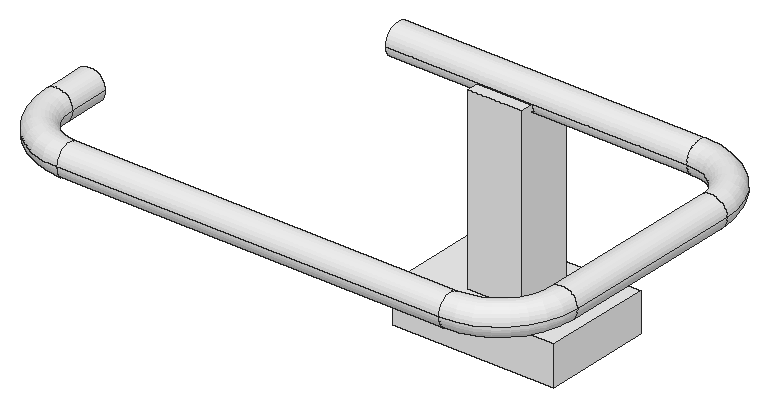
Revit family "Accessories_Set-Grohe-Essentials_Cube_Master-40778_Series", category Specialty Equipment, host Face, Revit 2019
Family settings
  Host = Face
  Round Connector Dimension = Use Diameter
  Part Type = Normal
  OmniClass Number = 23.40.20.21
  OmniClass Title = Toilet and Bath Specialties
  Cut with Voids When Loaded = No
  Shared = Yes
  Room Calculation Point = No
Parameters (values of type "40778001")
  Width = 23 5/8"  # constant formula
  URL = "https://www.grohe.us"
  Type Comments = ""
  Towel Ring 40510 = no
  Towel Bar 40509 = no
  Toilet Paper Holder 40507 = yes
  Robe Hook 40511 = no
  Revised Date = "06/07/2023"  # constant formula
  Product Page URL = "https://www.grohe.us/Accessory-Kits/4-in-1-Accessory-Set/GROHE-CHROME-40778001"
  Product Documentation Link = "https://americanstandard.box.com/shared/static/651a6fe8gp7e6jcdvl3tc887nvu7g6x7.pdf"
  Model = "40778001"
  Material = "Metal-Grohe-001-StarLight Chrome"
  Manufacturer = "Grohe"  # constant formula
  Length = 2 3/8"  # constant formula
  Installation Type = "Wall Mounted"  # constant formula
  Height = 4 15/16"  # constant formula
  Finish = Metal-Grohe-001-StarLight Chrome
  Description = "Essentials 4-in-1 Accessory Set"  # constant formula
  Default Elevation = if(Toilet Paper Holder 40507, 16", 40")  # 16"
  Creation Date = "09/07/2017"  # constant formula
  Assembly Code = "C1030200"
Types (3): name | Product Page URL | Model | Material | Finish
  40778001 | "https://www.grohe.us/Accessory-Kits/4-in-1-Accessory-Set/GROHE-CHROME-40778001" | "40778001" | "Metal-Grohe-001-StarLight Chrome" | Metal-Grohe-001-StarLight Chrome
  407782431 | "https://www.grohe.us/Accessory-Kits/4-in-1-Accessory-Set/MATTE-BLACK-407782431" | "407782431" | "Metal-Grohe-2431-Matte Black" | Metal-Grohe-2431-Matte Black
  40778GN1 | "https://www.grohe.us/Accessory-Kits/4-in-1-Accessory-Set/GROHE-BRUSHED-COOL-SUNRISE-40778GN1" | "40778GN1" | "Metal-Grohe-GN1-Brushed Cool Sunrise" | Metal-Grohe-GN1-Brushed Cool Sunrise
Reference planes (in)
  plane 1 "Center (Front/Back)": y = 0
  plane 2: z = 0
  plane 3 "Center (Left/Right)": x = 0
  plane 4: x = -11.81102
  plane 5: x = 11.81102
  plane 6: y = 1.06299
  plane 7: y = -6.85039
  plane 8: y = -7.92092
  plane 9: y = -12.60596
Forms (in)
  Extrusion 1, solid, material "Metal-Grohe-001-StarLight Chrome" <- "Finish", visible <- "Towel Bar 40509"
    sketch origin (0, 0, 0) x (1, 0, 0) y (0, 1, 0)
      loop
        line (-11.81115, 0.55118) -> (-11.81115, -0.55118) -> (-10.1576, -0.55118) -> (-10.1576, 0.55118) -> (-11.81115, 0.55118)
      loop
        line (11.81115, 0.55118) -> (10.1576, 0.55118) -> (10.1576, -0.55118) -> (11.81115, -0.55118) -> (11.81115, 0.55118)
    from 0 to 0.3937
  Extrusion 2, solid, material "Metal-Grohe-001-StarLight Chrome" <- "Finish", visible <- "Towel Bar 40509"
    sketch origin (0, 0, 0) x (1, 0, 0) y (0, 1, 0)
      loop
        line (-11.25997, 0.27559) -> (-11.25997, -0.27559) -> (-10.70879, -0.27559) -> (-10.70879, 0.27559) -> (-11.25997, 0.27559)
      loop
        line (11.25997, 0.27559) -> (10.70879, 0.27559) -> (10.70879, -0.27559) -> (11.25997, -0.27559) -> (11.25997, 0.27559)
    from 0 to 2.1877
  Extrusion 3, solid, material "Metal-Grohe-001-StarLight Chrome" <- "Finish", visible <- "Towel Bar 40509"
    sketch origin (0, 0, 0) x (0, 1, 0) y (0, 0, 1)
      loop
        circle (0, 2.16929) r 0.19685
    from -11.81115 to 11.8109
  Extrusion 4, solid, material "Metal-Grohe-001-StarLight Chrome" <- "Finish", visible <- "Toilet Paper Holder 40507"
    sketch origin (0, 0, 0) x (1, 0, 0) y (0, 0, 1)
      loop
        line (0.8125, 0.3937) -> (-0.8125, 0.3937) -> (-0.8125, 0) -> (0.8125, 0) -> (0.8125, 0.3937)
    from -0.55118 to 0.55118
  Extrusion 5, solid, material "Metal-Grohe-001-StarLight Chrome" <- "Finish", visible <- "Toilet Paper Holder 40507"
    sketch origin (0, 0, 0) x (1, 0, 0) y (0, 0, 1)
      loop
        line (0.27559, 2.20472) -> (-0.27559, 2.20472) -> (-0.27559, 0.3937) -> (0.27559, 0.3937) -> (0.27559, 2.20472)
    from -0.27559 to 0.27559
  Sweep 6, solid, material "Metal-Grohe-001-StarLight Chrome" <- "Finish", visible <- "Toilet Paper Holder 40507"
    path origin (0, 0, 2.06215) x (1, 0, 0) y (0, 1, 0)
      loop
        line (-1.20456, 0.15748) -> (1.84859, 0.15748)
        arc (1.84859, 0.15748) -> (2.40421, -0.07266) -> (2.63435, -0.62828) r 0.78576
        line (2.63435, -0.62828) -> (2.63435, -2.52428)
        arc (2.63435, -2.52428) -> (2.40507, -3.07781) -> (1.85154, -3.30709) r 0.78281
        line (1.85154, -3.30709) -> (-2.01843, -3.30709)
        arc (-2.01843, -3.30709) -> (-2.57331, -3.07725) -> (-2.80315, -2.52237) r 0.78472
        line (-2.80315, -2.52237) -> (-2.80315, -2.10646)
    profile origin (0.32201, 0.15748, 2.06215) x (0, 1, 0) y (0, 0, 1)
      loop
        circle (-0.15625, 0.15625) r 0.15625
  Extrusion 7, solid, material "Metal-Grohe-001-StarLight Chrome" <- "Finish", visible <- "Robe Hook 40511"
    sketch origin (0, 0, 0) x (1, 0, 0) y (0, 0, 1)
      loop
        line (0.82677, 0) -> (0.82677, 0.3937) -> (-0.82677, 0.3937) -> (-0.82677, 0) -> (0.82677, 0)
    from -0.55118 to 0.55118
  Extrusion 8, solid, material "Metal-Grohe-001-StarLight Chrome" <- "Finish", visible <- "Robe Hook 40511"
    sketch origin (0, 0, 0) x (1, 0, 0) y (0, 0, 1)
      loop
        line (0.27559, 2.16535) -> (-0.27559, 2.16535) -> (-0.27559, 0.3937) -> (0.27559, 0.3937) -> (0.27559, 2.16535)
    from -0.27559 to 0.27559
  Revolve 9, solid, material "Metal-Grohe-001-StarLight Chrome" <- "Finish", visible <- "Robe Hook 40511"
    sketch origin (0, 0, 0) x (0, 1, 0) y (0, 0, 1)
      loop
        line (1.11959, 2.375) -> (-0.52918, 2.375)
        arc (-0.52918, 2.375) -> (-0.54625, 2.27081) -> (-0.55121, 2.16535) r 0.91537
        line (-0.55121, 2.16535) -> (1.14162, 2.16535)
        arc (1.14162, 2.16535) -> (1.13666, 2.27081) -> (1.11959, 2.375) r 0.91537
      axis (1.14162, 2.16535) -> (-0.55121, 2.16535)
    angle from 0 to 360
  Extrusion 10, solid, material "Metal-Grohe-001-StarLight Chrome" <- "Finish", visible <- "Towel Ring 40510"
    sketch origin (0, 0, 0) x (1, 0, 0) y (0, 0, 1)
      loop
        line (0.8125, 0.3937) -> (-0.8125, 0.3937) -> (-0.8125, 0) -> (0.8125, 0) -> (0.8125, 0.3937)
    from -0.55118 to 0.55118
  Extrusion 11, solid, material "Metal-Grohe-001-StarLight Chrome" <- "Finish", visible <- "Towel Ring 40510"
    sketch origin (0, 0, 0) x (1, 0, 0) y (0, 0, 1)
      loop
        line (0.27559, 2.20472) -> (-0.27559, 2.20472) -> (-0.27559, 0.3937) -> (0.27559, 0.3937) -> (0.27559, 2.20472)
    from -0.27559 to 0.27559
  Sweep 12, solid, material "Metal-Grohe-001-StarLight Chrome" <- "Finish", visible <- "Towel Ring 40510"
    path origin (0, 0, 2.06215) x (1, 0, 0) y (0, 1, 0)
      loop
        line (-1.79845, 0.15748) -> (2.87565, 0.15748)
        arc (2.87565, 0.15748) -> (3.43127, -0.07266) -> (3.66142, -0.62828) r 0.78576
        line (3.66142, -0.62828) -> (3.66142, -3.66114)
        arc (3.66142, -3.66114) -> (3.43214, -4.21467) -> (2.87861, -4.44395) r 0.78281
        line (2.87861, -4.44395) -> (-2.8767, -4.44395)
        arc (-2.8767, -4.44395) -> (-3.43158, -4.21411) -> (-3.66142, -3.65923) r 0.78472
        line (-3.66142, -3.65923) -> (-3.66142, -3.24332)
    profile origin (0.5386, 0.15748, 2.06215) x (0, 1, 0) y (0, 0, 1)
      loop
        circle (-0.15625, 0.15625) r 0.15625
Lines and regions (in)
  Masking region 1, visible <- "Towel Bar 40509"
    outline origin (0, 0, 0) x (1, 0, 0) y (0, 0, 1)
      loop
        line (11.81115, 0) -> (11.81115, 0.3937) -> (11.25997, 0.3937) -> (11.25997, 1.97244) -> (11.8109, 1.97244) -> (11.8109, 2.36614) -> (-11.8109, 2.36614) -> (-11.8109, 1.97244) -> (-11.25997, 1.97244) -> (-11.25997, 0.3937) -> (-11.81115, 0.3937) -> (-11.81115, 0) -> (-10.1576, 0) -> (-10.1576, 0.3937) -> (-10.70878, 0.3937) -> (-10.70878, 1.97244) -> (10.70878, 1.97244) -> (10.70878, 0.3937) -> (10.1576, 0.3937) -> (10.1576, 0) -> (11.81115, 0)
  Masking region 2, visible <- "Toilet Paper Holder 40507"
    outline origin (0, 0, 0) x (1, 0, 0) y (0, 0, 1)
      loop
        line (-0.8125, 0) -> (0.8125, 0) -> (0.8125, 0.3937) -> (0.27559, 0.3937) -> (0.27559, 2.06215) -> (2.4781, 2.06215)
        arc (2.4781, 2.06215) -> (2.63435, 2.2184) -> (2.4781, 2.37465) r 0.15625
        line (2.4781, 2.37465) -> (-2.6469, 2.37465)
        arc (-2.6469, 2.37465) -> (-2.80315, 2.2184) -> (-2.6469, 2.06215) r 0.15625
        line (-2.6469, 2.06215) -> (-0.27559, 2.06215) -> (-0.27559, 0.3937) -> (-0.8125, 0.3937) -> (-0.8125, 0)
  Masking region 3, visible <- "Robe Hook 40511"
    outline origin (0, 0, 0) x (1, 0, 0) y (0, 0, 1)
      loop
        line (0.82677, 0.3937) -> (0.27559, 0.3937) -> (0.27559, 2.16535) -> (0.20965, 2.16535)
        arc (0.20965, 2.16535) -> (0, 2.375) -> (-0.20965, 2.16535) r 0.20965
        line (-0.20965, 2.16535) -> (-0.27559, 2.16535) -> (-0.27559, 0.3937) -> (-0.82677, 0.3937) -> (-0.82677, 0) -> (0.82677, 0) -> (0.82677, 0.3937)
  Masking region 4, visible <- "Towel Ring 40510"
    outline origin (0, 0, 0) x (1, 0, 0) y (0, 0, 1)
      loop
        line (-0.8125, 0) -> (0.8125, 0) -> (0.8125, 0.3937) -> (0.27559, 0.3937) -> (0.27559, 2.06215) -> (3.50935, 2.06215)
        arc (3.50935, 2.06215) -> (3.6656, 2.2184) -> (3.50935, 2.37465) r 0.15625
        line (3.50935, 2.37465) -> (-3.5219, 2.37465)
        arc (-3.5219, 2.37465) -> (-3.67815, 2.2184) -> (-3.5219, 2.06215) r 0.15625
        line (-3.5219, 2.06215) -> (-0.27559, 2.06215) -> (-0.27559, 0.3937) -> (-0.8125, 0.3937) -> (-0.8125, 0)
  symbolic lines, visible <- "Towel Bar 40509", detail levels medium+fine
    curve 1: line (11.25997, 0, 1.97244) -> (11.25997, 0, 2.1877)
    curve 2: line (11.25997, 0, 2.1877) -> (10.70879, 0, 2.1877)
    curve 3: line (10.70879, 0, 2.1877) -> (10.70879, 0, 1.97244)
    curve 4: line (-10.70879, 0, 1.97244) -> (-10.70879, 0, 2.1877)
    curve 5: line (-10.70879, 0, 2.1877) -> (-11.25997, 0, 2.1877)
    curve 6: line (-11.25997, 0, 2.1877) -> (-11.25997, 0, 1.97244)
  symbolic lines, visible <- "Towel Bar 40509", detail levels fine
    curve 7: line (-10.70879, 0, 0.3937) -> (-11.25997, 0, 0.3937)
    curve 8: line (11.25997, 0, 0.3937) -> (10.70879, 0, 0.3937)
  symbolic lines, visible <- "Toilet Paper Holder 40507", detail levels fine
    curve 9: arc (-2.6469, 0, 2.06215) -> (-2.49065, 0, 2.2184) -> (-2.6469, 0, 2.37465) r 0.15625
  symbolic lines, visible <- "Toilet Paper Holder 40507", detail levels medium+fine
    curve 10: line (-1.20456, 0, 2.06215) -> (-1.20456, 0, 2.37465)
    curve 11: line (0.27559, 0, 2.06215) -> (0.27559, 0, 2.20472)
    curve 12: line (0.27559, 0, 2.20472) -> (-0.27559, 0, 2.20472)
    curve 13: line (-0.27559, 0, 2.20472) -> (-0.27559, 0, 2.06215)
    curve 14: line (-0.27559, 0, 0.39565) -> (0.27559, 0, 0.39565)
  symbolic lines, visible <- "Robe Hook 40511", detail levels medium+fine
    curve 15: line (0.27559, 0, 0.39492) -> (-0.27559, 0, 0.39492)
    curve 16: arc (-0.20965, 0, 2.16535) -> (0, 0, 1.95571) -> (0.20965, 0, 2.16535) r 0.20965
  symbolic lines, visible <- "Towel Ring 40510", detail levels fine
    curve 17: arc (-3.50517, 0, 2.06215) -> (-3.34892, 0, 2.2184) -> (-3.50517, 0, 2.37465) r 0.15625
  symbolic lines, visible <- "Towel Ring 40510", detail levels medium+fine
    curve 18: line (-1.79845, 0, 2.06215) -> (-1.79845, 0, 2.37465)
    curve 19: line (0.27559, 0, 2.06215) -> (0.27559, 0, 2.20472)
    curve 20: line (0.27559, 0, 2.20472) -> (-0.27559, 0, 2.20472)
    curve 21: line (-0.27559, 0, 2.20472) -> (-0.27559, 0, 2.06215)
    curve 22: line (-0.27559, 0, 0.39422) -> (0.27559, 0, 0.39422)
Dimensions and locks (in)
  equal spacing: plane 4, plane 3 "Center (Left/Right)", plane 5
  plane 4 to plane 5 = 23.62205"
  plane 6 to plane 7 = 7.91339"
  plane 8 to plane 9 = 4.68504"
  locked: Extrusion 1 sketch curve to Extrusion 1 sketch curve at 1.65354  (x2)
  locked: Extrusion 1 sketch curve to Extrusion 1 sketch curve at 1.10236
  Extrusion 1 sketch curve to Extrusion 1 sketch curve = 1.65354"  (x2)
  Extrusion 1 sketch curve to Extrusion 1 sketch curve = 1.10236"
  aligned and locked: plane 2 to host face
  aligned and locked: level to host face
  aligned and locked: Extrusion 1 sketch curve to Extrusion 1 sketch curve  (x2)
Automatic sketch dimensions
  host sketch curve to host sketch curve = 96"  (x2)
  curve 16 to plane 3 "Center (Left/Right)" = 0"
  curve 12 to plane 3 "Center (Left/Right)" = 0.27559"
  curve 17 to curve 9 = 0.85827"
  plane 4 to curve 4 = 1.10224"
  plane 4 to curve 6 = 0.55106"
  plane 3 "Center (Left/Right)" to curve 20 = 0.27559"
  plane 5 to curve 3 = 1.10224"
  plane 5 to curve 2 = 0.55106"
  level to curve 5 = 2.1877"
  level to curve 2 = 2.1877"
  curve 16 to curve 12 = 0.03937"
  level to curve 9 = 2.2184"
  curve 17 to curve 9 = 0"
  curve 12 to curve 16 = 0.06594"
  curve 14 to plane 3 "Center (Left/Right)" = 0.27559"
  curve 14 to curve 22 = 0"
  curve 14 to curve 15 = 0"  (x2)
  curve 18 to curve 10 = 0.59389"
  level to curve 7 = 0.3937"
  plane 4 to curve 7 = 1.10224"
  plane 4 to curve 7 = 0.55106"
  plane 3 "Center (Left/Right)" to curve 14 = 0.27559"
  curve 15 to curve 22 = 0"
  level to curve 8 = 0.3937"
  plane 5 to curve 8 = 1.10224"
  plane 5 to curve 8 = 0.55106"
  curve 15 to curve 14 = 0.00073"
  curve 22 to curve 15 = 0.0007"
  curve 6 to curve 5 = 0.21525"
  curve 1 to curve 1 = 0.21525"
  curve 4 to curve 4 = 0.21525"
  curve 3 to curve 2 = 0.21525"
  curve 21 to curve 16 = 0.10321"
  curve 13 to curve 21 = 0"
  curve 19 to curve 16 = 0.10321"
  curve 18 to curve 9 = 5/32"
  curve 17 to curve 17 = 5/32"
  curve 9 to curve 9 = 5/32"
  curve 11 to curve 19 = 0"
  curve 10 to curve 18 = 0"
  curve 18 to curve 18 = 5/16"
  curve 10 to curve 10 = 5/16"
  Extrusion 1 sketch curve to plane 4 = 0.00012"
  plane 1 "Center (Front/Back)" to Extrusion 1 sketch curve = 0.55118"
  plane 5 to Extrusion 1 sketch curve = 1.65342"
  plane 4 to Extrusion 2 sketch curve = 0.55106"
  Extrusion 2 sketch curve to Extrusion 2 sketch curve = 0.55118"
  plane 1 "Center (Front/Back)" to Extrusion 2 sketch curve = 0.27559"  (x2)
  plane 5 to Extrusion 2 sketch curve = 1.10224"
  plane 5 to Extrusion 2 sketch curve = 0.55106"
  Extrusion 2 sketch curve to plane 1 "Center (Front/Back)" = 0.27559"  (x2)
  Extrusion 3 sketch curve to plane 1 "Center (Front/Back)" = 0"
  level to Extrusion 3 sketch curve = 2.16929"
  Masking region 1 sketch curve to level = 0"  (x2)
  Masking region 1 sketch curve to plane 4 = 0.00012"
  plane 4 to Masking region 1 sketch curve = 0.00012"
  Masking region 1 sketch curve to Masking region 1 sketch curve = 0.55094"
  Masking region 1 sketch curve to Masking region 1 sketch curve = 0.55118"  (x2)
  plane 5 to Masking region 1 sketch curve = 1.65342"
  plane 5 to Masking region 1 sketch curve = 1.10224"
  plane 5 to Masking region 1 sketch curve = 0.55106"
  plane 5 to Masking region 1 sketch curve = 0.00012"
  Masking region 1 sketch curve to plane 5 = 0.00012"
  level to Masking region 1 sketch curve = 0.3937"  (x4)
  Masking region 1 sketch curve to Masking region 1 sketch curve = 1.57874"  (x2)
  Masking region 1 sketch curve to Masking region 1 sketch curve = 0"
  Masking region 1 sketch curve to Masking region 1 sketch curve = 0.3937"
  Extrusion 4 sketch curve to level = 0"
  level to Extrusion 4 sketch curve = 0.3937"
  Extrusion 4 sketch curve to plane 3 "Center (Left/Right)" = 13/16"
  plane 3 "Center (Left/Right)" to Extrusion 4 sketch curve = 13/16"
  Extrusion 5 sketch curve to plane 3 "Center (Left/Right)" = 0.27559"
  plane 3 "Center (Left/Right)" to Extrusion 5 sketch curve = 0.27559"
  level to Extrusion 5 sketch curve = 0.3937"
  Extrusion 5 sketch curve to Extrusion 5 sketch curve = 1.81102"
  Sweep 6 sketch curve to plane 3 "Center (Left/Right)" = 2.80315"
  Sweep 6 sketch curve to Sweep 6 sketch curve = 0.78472"
  Sweep 6 sketch curve to plane 1 "Center (Front/Back)" = 0.15748"
  plane 3 "Center (Left/Right)" to Sweep 6 sketch curve = 1.84859"
  plane 3 "Center (Left/Right)" to Sweep 6 sketch curve = 1.85154"
  Sweep 6 sketch curve to Sweep 6 sketch curve = 0.78281"
  plane 1 "Center (Front/Back)" to Sweep 6 sketch curve = 2.52237"
  Sweep 6 sketch curve to plane 3 "Center (Left/Right)" = 1.20456"
  Sweep 6 sketch curve to Sweep 6 sketch curve = 0.41591"
  profile plane to Sweep 6 sketch curve = 5/32"  (x2)
  Masking region 2 sketch curve to level = 0"
  Masking region 2 sketch curve to plane 3 "Center (Left/Right)" = 2.6469"
  Masking region 2 sketch curve to plane 3 "Center (Left/Right)" = 13/16"
  Masking region 2 sketch curve to plane 3 "Center (Left/Right)" = 0.27559"
  plane 3 "Center (Left/Right)" to Masking region 2 sketch curve = 0.27559"
  Masking region 2 sketch curve to Masking region 2 sketch curve = 0.53691"
  Masking region 2 sketch curve to Masking region 2 sketch curve = 2.20251"
  Masking region 2 sketch curve to Masking region 2 sketch curve = 0.3937"
  level to Masking region 2 sketch curve = 0.3937"
  Masking region 2 sketch curve to Masking region 2 sketch curve = 1.66845"
  Masking region 2 sketch curve to Masking region 2 sketch curve = 0"
  Masking region 2 sketch curve to Masking region 2 sketch curve = 5/32"
  Extrusion 7 sketch curve to level = 0"
  Extrusion 7 sketch curve to plane 3 "Center (Left/Right)" = 0.82677"
  level to Extrusion 7 sketch curve = 0.3937"
  plane 3 "Center (Left/Right)" to Extrusion 7 sketch curve = 0.82677"
  Extrusion 8 sketch curve to plane 3 "Center (Left/Right)" = 0.27559"
  plane 3 "Center (Left/Right)" to Extrusion 8 sketch curve = 0.27559"
  level to Extrusion 8 sketch curve = 0.3937"
  Extrusion 8 sketch curve to Extrusion 8 sketch curve = 1.77165"
  Masking region 3 sketch curve to level = 0"
  Masking region 3 sketch curve to plane 3 "Center (Left/Right)" = 0"
  Masking region 3 sketch curve to Masking region 3 sketch curve = 0.20965"
  Masking region 3 sketch curve to Masking region 3 sketch curve = 0.06594"
  Masking region 3 sketch curve to Masking region 3 sketch curve = 0.55118"  (x2)
  plane 3 "Center (Left/Right)" to Masking region 3 sketch curve = 0.27559"
  level to Masking region 3 sketch curve = 0.3937"  (x2)
  Masking region 3 sketch curve to Masking region 3 sketch curve = 1.77165"
  plane 1 "Center (Front/Back)" to Revolve 9 sketch curve = 0.55121"
  Revolve 9 sketch curve to Revolve 9 sketch curve = 0.02203"
  Revolve 9 sketch curve to plane 1 "Center (Front/Back)" = 0.22631"
  Revolve 9 sketch curve to Revolve 9 sketch curve = 0.1378"
  Revolve 9 sketch curve to plane 6 = 0.0566"
  Revolve 9 sketch curve to plane 6 = 0.07863"
  level to Revolve 9 sketch curve = 2.16535"
  Revolve 9 sketch curve to Revolve 9 sketch curve = 0.00978"
  Revolve 9 sketch curve to Revolve 9 sketch curve = 0.00008"
  Revolve 9 sketch curve to Revolve 9 sketch curve = 0"  (x2)
  Extrusion 10 sketch curve to level = 0"
  level to Extrusion 10 sketch curve = 0.3937"
  Extrusion 10 sketch curve to plane 3 "Center (Left/Right)" = 13/16"
  plane 3 "Center (Left/Right)" to Extrusion 10 sketch curve = 13/16"
  Extrusion 11 sketch curve to plane 3 "Center (Left/Right)" = 0.27559"
  plane 3 "Center (Left/Right)" to Extrusion 11 sketch curve = 0.27559"
  level to Extrusion 11 sketch curve = 0.3937"
  Extrusion 11 sketch curve to Extrusion 11 sketch curve = 1.81102"
  Sweep 12 sketch curve to plane 3 "Center (Left/Right)" = 3.66142"
  Sweep 12 sketch curve to Sweep 12 sketch curve = 0.78472"
  Sweep 12 sketch curve to plane 1 "Center (Front/Back)" = 0.15748"
  plane 3 "Center (Left/Right)" to Sweep 12 sketch curve = 2.87565"
  plane 3 "Center (Left/Right)" to Sweep 12 sketch curve = 2.87861"
  Sweep 12 sketch curve to Sweep 12 sketch curve = 0.78281"
  Sweep 12 sketch curve to plane 7 = 3.19116"
  Sweep 12 sketch curve to plane 3 "Center (Left/Right)" = 1.79845"
  Sweep 12 sketch curve to Sweep 12 sketch curve = 0.41591"
  profile plane to Sweep 12 sketch curve = 5/32"  (x2)
  Masking region 4 sketch curve to level = 0"
  Masking region 4 sketch curve to plane 3 "Center (Left/Right)" = 3.5219"
  Masking region 4 sketch curve to plane 3 "Center (Left/Right)" = 13/16"
  Masking region 4 sketch curve to plane 3 "Center (Left/Right)" = 0.27559"
  plane 3 "Center (Left/Right)" to Masking region 4 sketch curve = 0.27559"
  Masking region 4 sketch curve to Masking region 4 sketch curve = 0.53691"
  Masking region 4 sketch curve to Masking region 4 sketch curve = 3.23376"
  Masking region 4 sketch curve to Masking region 4 sketch curve = 0.3937"
  level to Masking region 4 sketch curve = 0.3937"
  Masking region 4 sketch curve to Masking region 4 sketch curve = 1.66845"
  Masking region 4 sketch curve to Masking region 4 sketch curve = 0"
  Masking region 4 sketch curve to Masking region 4 sketch curve = 5/32"
  curve 17 to curve 12 = 3.22958"
  curve 9 to curve 18 = 0.84845"
  curve 10 to curve 16 = 0.10321"
  level to curve 22 = 0.39422"
  radius of Extrusion 3 sketch curve = 0.19685"
  radius of Sweep 6 sketch curve = 5/32"
  radius of Sweep 12 sketch curve = 5/32"
